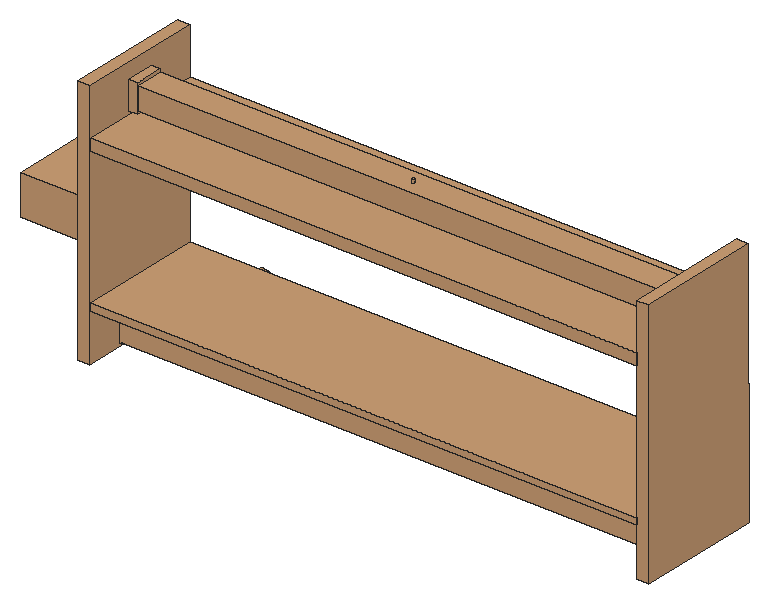
Revit family
Parameters
  Center of Unit = 0' - 0"  # constant formula
  Total Heating Capacity [instance] = 0.0 Btu/h
  Series = "VIFB"
  Outlet Area = 16.10 SF
  Lower Frame Thickness = if(Headers Height = 0' 3", 0' 1 1/4", if(Headers Height = 0' 3 1/4", 0' 1 1/4", 0' 0"))  # 0' - 1 1/4"
  Water Pressure Drop [instance] = 0.00 psi
  Water Flow [instance] = 0 GPM
  Unit Weight (lbs) = 884
  URL = "http://www.ljwing.com/"
  Water Outlet Radius = 0' - 1 1/2"
  Headers Height = if(M = 0' 1", 0' 3", if(M = 0' 1 1/2", 0' 3 1/4", 0' 0"))  # 0' - 3 1/4"
  Number of Rows = 2  # constant formula
  Number of Coils [instance] = 0
  Nominal Length = 8' - 4 1/2"
  N = 1' - 0 3/4"
  Model = "VA-9W"
  Manufacturer = "LJ Wing"
  M = 0' - 1 1/2"
  Leaving Water Temperature [instance] = 0 °F
  Leaving Air Temperature [instance] = 0 °F
  Entering Water Temperature [instance] = 0 °F
  Entering Air Temperature [instance] = 0 °F
  Description = "Vertical Integral Face & Bypass Water Heating Coils"
  Hot Water Inlet  Radius = 0' - 1 1/2"
  Coil Face Area = Outlet Area * 0.56  # 9.016 SF
  Casing Material = ""
  Assembly Code = "D3020300"
  Air Vent Radius = 0' - 0 1/4"
  Air Pressure Drop [instance] = 0.00 in-wg
  Air Inlet Width = Nominal Length - 0' 4"  # 8' - 0 1/2"
  Air Inlet Height = Y  # 2' - 0"
  Air Flow [instance] = 0 CFM
  Y = 2' - 0"
  S = 0' - 9 3/4"  # constant formula
  Product URL = "http://www.ljwing.com/html/vifb.asp"
  OmniClass = "23-75 70 21 14"
  Nominal Height = 3' - 8"
  Nominal Depth = 1' - 10"
  R = 0' - 10 1/4"  # constant formula
  Q = 0' - 5 1/4"
Reference planes (in)
  plane 1 "Center (Front/Back)": y = 0
  plane 2: z = -12
  plane 3 "Center (Left/Right)": x = 0
  plane 4: z = 22.25
  plane 5: x = -50.25
  plane 6: x = 50.25
  plane 7: z = -21.75
  plane 8: z = 0
  plane 9: y = -11
  plane 10: y = 11
  plane 11: z = 12
  plane 12: z = 14
  plane 13: z = -13.25
  plane 14: x = 48.25
  plane 15: x = -48.25
  plane 16: x = -45
  plane 17: x = 45
  plane 18: y = 14.0625
  plane 19: x = -61.25
  plane 20: z = 19.125
  plane 21: z = 15.125
  plane 22: y = -2.5
  plane 23: y = 2.5
  plane 24: y = -4.5
  plane 25: z = -19.375
  plane 26: x = -37.5
  plane 27: x = 37.5
  plane 28: z = -15.375
Forms (in)
  Extrusion 1, solid, material "Painted Finish"
    sketch origin (0, 6, -9.75) x (1, 0, 0) y (0, 0, 1)
      loop
        line (-50.25, -12) -> (-48.25, -12) -> (-48.25, 32) -> (-50.25, 32) -> (-50.25, -12)
      loop
        line (50.25, -12) -> (50.25, 32) -> (48.25, 32) -> (48.25, -12) -> (50.25, -12)
    from -5 to 17
  Extrusion 2, solid, material "Painted Finish"
    sketch origin (0, 6, 0) x (1, 0, 0) y (0, 0, 1)
      loop
        line (48.25, -12) -> (-48.25, -12) -> (-48.25, -13.25) -> (48.25, -13.25) -> (48.25, -12)
      loop
        line (48.25, 12) -> (48.25, 14) -> (-48.25, 14) -> (-48.25, 12) -> (48.25, 12)
    from -5 to 17
  Extrusion 3, solid, material "Painted Finish"
    sketch origin (0, 10, -0.5) x (1, 0, 0) y (0, 0, 1)
      loop
        line (-50.25, 4) -> (-61.25, 4) -> (-61.25, -3) -> (-50.25, -3) -> (-50.25, 4)
    from 0 to 20
  Extrusion 4, solid, material "Painted Finish"
    sketch origin (0, 6, 0) x (1, 0, 0) y (0, 0, 1)
      loop
        line (-46.625, 19.125) -> (-46.625, 15.125) -> (46.625, 15.125) -> (46.625, 19.125) -> (-46.625, 19.125)
    from 3.5 to 8.5
  Extrusion 5, solid, material "Painted Finish"
    sketch origin (0, 0, 0) x (1, 0, 0) y (0, 0, 1)
      loop
        line (-46.625, 14.625) -> (-46.625, 19.625) -> (-48.25, 19.625) -> (-48.25, 14.625) -> (-46.625, 14.625)
      loop
        line (48.25, 14.625) -> (48.25, 19.625) -> (46.625, 19.625) -> (46.625, 14.625) -> (48.25, 14.625)
    from -2.5 to 2.5
  Extrusion 6, solid, material "Painted Finish"
    sketch origin (0, 6, 0) x (1, 0, 0) y (0, 0, 1)
      loop
        line (-47.75, -13.75) -> (-47.75, -13.5) -> (-48.25, -13.5) -> (-48.25, -17.25) -> (-47.75, -17.25) -> (-47.75, -17) -> (47.75, -17) -> (47.75, -17.25) -> (48.25, -17.25) -> (48.25, -13.5) -> (47.75, -13.5) -> (47.75, -13.75) -> (-47.75, -13.75)
      loop
        line (47.75, -21) -> (47.75, -21.125) -> (48.25, -21.125) -> (48.25, -17.5) -> (47.75, -17.5) -> (47.75, -17.75) -> (-47.75, -17.75) -> (-47.75, -17.5) -> (-48.25, -17.5) -> (-48.25, -21.25) -> (-47.75, -21.25) -> (-47.75, -21) -> (47.75, -21)
    from -5 to 10.5
  Extrusion 7, void
    sketch origin (0, 0, 0) x (1, 0, 0) y (0, 0, 1)
      loop
        line (-48.25, 12) -> (-48.25, -12) -> (48.25, -12) -> (48.25, 12) -> (-48.25, 12)
    from -11 to 11
  Extrusion 8, solid, material "Painted Finish"
    sketch origin (0, 0, 0) x (1, 0, 0) y (0, 0, 1)
      loop
        circle (37.5, -19.375) r 1.5
      loop
        circle (-37.5, -15.375) r 1.5
    from -14.0625 to -11
  Extrusion 9, solid, material "Painted Finish"
    sketch origin (0, 0, 0) x (1, 0, 0) y (0, 1, 0)
      loop
        circle (0, 0) r 0.25
    from 19.125 to 19.625
Cuts and joins
  Extrusion 7 cuts Extrusion 1
  Extrusion 7 cuts Extrusion 2
Dimensions and locks (in)
  "Nominal Length": plane 6 to plane 5
  equal spacing: plane 6, plane 3 "Center (Left/Right)", plane 5
  "S": plane 2 to plane 7
  "Nominal Depth": plane 10 to plane 9
  equal spacing: plane 10, plane 1 "Center (Front/Back)", plane 9
  "Y": plane 11 to plane 2
  "R": plane 4 to plane 11
  locked: plane 12 to plane 11 at 2
  "Lower Frame Thickness": plane 2 to plane 13
  "Q": plane 16 to plane 5
  "Q": plane 6 to plane 17
  locked: plane 18 to plane 10 at 3.0625
  locked: plane 5 to plane 19 at 11
  locked: Extrusion 3 sketch curve to Extrusion 3 sketch curve at 7
  locked: Extrusion 3 to Extrusion 3 at 20
  locked: plane 6 to plane 14 at 2
  locked: plane 15 to plane 5 at 2
  locked: Extrusion 5 sketch curve to plane 20 at 0.5
  locked: plane 21 to Extrusion 5 sketch curve at 0.5
  locked: plane 20 to plane 21 at 4
  locked: plane 23 to plane 22 at 5
  equal spacing: plane 23, plane 1 "Center (Front/Back)", plane 22
  locked: plane 22 to plane 24 at 2
  plane 4 to plane 7 = 3' - 8"
  locked: Extrusion 5 sketch curve to Extrusion 1 at 1.625
  locked: Extrusion 5 sketch curve to Extrusion 5 sketch curve at 1.625
  locked: Extrusion 7 sketch curve to plane 11 at 0
  locked: Extrusion 7 sketch curve to plane 15 at 0
  locked: Extrusion 7 sketch curve to plane 14 at 0
  locked: plane 15 to Extrusion 6 sketch curve at 0.5
  locked: Extrusion 6 sketch curve to Extrusion 6 sketch curve at 0.25  (x2)
  locked: plane 25 to plane 7 at 2.375
  "N": plane 26 to plane 5
  "N": plane 6 to plane 27
  locked: plane 28 to plane 7 at 6.375
  "Headers Height": Extrusion 6 sketch curve to Extrusion 6 sketch curve  (x2)
  locked: Extrusion 8 sketch curve to plane 25 at 0
  locked: Extrusion 8 sketch curve to plane 28 at 0
  locked: Extrusion 9 sketch curve to plane 1 "Center (Front/Back)" at 0
  locked: Extrusion 9 sketch curve to plane 3 "Center (Left/Right)" at 0
  equal spacing: Extrusion 6 sketch curve, plane 28, Extrusion 6 sketch curve
  equal spacing: Extrusion 6 sketch curve, plane 25, Extrusion 6 sketch curve
  locked: plane 4 to plane 20 at 3.125
  locked: Extrusion 7 sketch curve to plane 2 at 0
  equal spacing: plane 11, plane 8, plane 2
  locked: Extrusion 8 sketch curve to plane 27 at 0
  locked: Extrusion 8 sketch curve to plane 26 at 0
  "M": radius of Extrusion 8 sketch curve  (x2)
  "Air Vent Radius": radius of Extrusion 9 sketch curve
  aligned and locked: plane 9 to Extrusion 1
  aligned and locked: Extrusion 1 to plane 10
  aligned and locked: plane 15 to Extrusion 1
  aligned and locked: Extrusion 1 to plane 14
  aligned and locked: plane 9 to Extrusion 2
  aligned and locked: Extrusion 1 to plane 9
  aligned and locked: plane 10 to Extrusion 1  (x2)
  aligned and locked: Extrusion 2 to plane 10
  aligned and locked: plane 10 to Extrusion 2  (x2)
  aligned and locked: Extrusion 2 to plane 9  (x2)
  aligned and locked: plane 5 to Extrusion 3
  aligned and locked: Extrusion 5 sketch curve to plane 15
  aligned and locked: Extrusion 5 sketch curve to Extrusion 4
  aligned and locked: Extrusion 1 to Extrusion 6
  aligned and locked: plane 22 to Extrusion 5
  aligned and locked: Extrusion 5 to Extrusion 4  (x2)
  aligned and locked: Extrusion 5 to plane 23
  aligned and locked: plane 24 to Extrusion 6
  aligned and locked: Extrusion 4 to Extrusion 5  (x2)
  aligned and locked: Extrusion 5 to Extrusion 1  (x2)
  aligned and locked: Extrusion 1 to Extrusion 7  (x2)
  aligned and locked: Extrusion 8 to plane 18
  aligned and locked: plane 10 to Extrusion 8
  aligned and locked: plane 20 to Extrusion 9
  aligned and locked: Extrusion 9 to Extrusion 5
  aligned and locked: plane 2 to cut or joined group of Extrusion 2, Extrusion 7
  aligned and locked: plane 6 to Extrusion 1 sketch curve
  aligned and locked: plane 14 to Extrusion 1 sketch curve
  aligned and locked: Extrusion 1 sketch curve to plane 15
  aligned and locked: Extrusion 1 sketch curve to plane 5
  aligned and locked: Extrusion 1 sketch curve to plane 4  (x2)
  aligned and locked: plane 7 to Extrusion 1 sketch curve  (x2)
  aligned and locked: Extrusion 2 sketch curve to plane 11
  aligned and locked: Extrusion 2 sketch curve to plane 12
  aligned and locked: plane 2 to Extrusion 2 sketch curve
  aligned and locked: Extrusion 2 sketch curve to plane 13
  aligned and locked: Extrusion 2 sketch curve to plane 14  (x2)
  aligned and locked: Extrusion 2 sketch curve to plane 15  (x2)
  aligned and locked: plane 20 to Extrusion 4 sketch curve
  aligned and locked: Extrusion 4 sketch curve to plane 21
  aligned and locked: Extrusion 6 sketch curve to plane 14  (x2)
  aligned and locked: plane 15 to Extrusion 6 sketch curve  (x2)
Automatic sketch dimensions
  Extrusion 3 sketch curve to plane 19 = 0' - 0"
  Extrusion 3 sketch curve to plane 5 = 0' - 0"
  plane 8 to Extrusion 3 sketch curve = 0' - 3 1/2"
  Extrusion 4 sketch curve to plane 16 = 0' - 1 5/8"
  plane 17 to Extrusion 4 sketch curve = 0' - 1 5/8"
  plane 21 to Extrusion 5 sketch curve = 0' - 0 1/2"
  Extrusion 5 sketch curve to plane 20 = 0' - 0 1/2"
  plane 15 to Extrusion 6 sketch curve = 0' - 0 1/2"  (x2)
  Extrusion 6 sketch curve to Extrusion 6 sketch curve = 0' - 0 1/4"  (x5)
  Extrusion 6 sketch curve to Extrusion 6 sketch curve = 0' - 0"  (x2)
  Extrusion 6 sketch curve to plane 14 = 0' - 0 1/2"  (x2)
  Extrusion 6 sketch curve to Extrusion 6 sketch curve = 0' - 0 1/2"
  Extrusion 6 sketch curve to plane 7 = 0' - 0 5/8"
Connectors (in)
  hvac at (0, -11, 0), driven by "Air Inlet Height", driven by "Air Inlet Width", driven by "Air Flow", driven by "Air Pressure Drop"
    settings: on Extrusion 7, index 1
  hvac at (0, 11, 0), driven by "Air Pressure Drop", driven by "Air Inlet Height", driven by "Air Inlet Width", driven by "Air Flow"
    settings: on Extrusion 7, index 2
  piping at (-37.5, 14.0625, -15.375), driven by "M", driven by "Water Flow", driven by "Water Pressure Drop"
    settings: on Extrusion 8, index 4
  piping at (37.5, 14.0625, -19.375), driven by "Water Pressure Drop", driven by "Water Flow", driven by "M"
    settings: on Extrusion 8, index 5
